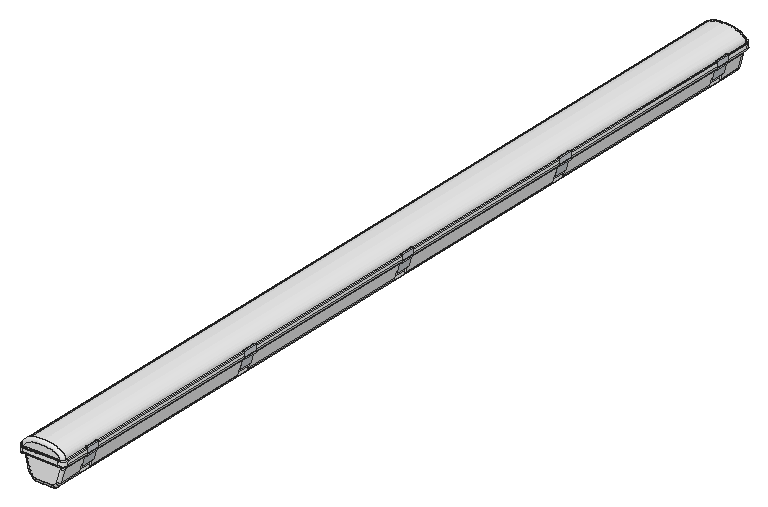
Revit family "0048712 Feilo Sylvania Lighting Fixture SYLPRF SUP LED G3 1500MM S 4K", category Lighting Fixtures, host Face, Revit 2017
Family settings
  Host = Face
  Round Connector Dimension = Use Diameter
  Part Type = Normal
  OmniClass Number = 23.80.70.11.14
  OmniClass Title = General Luminaries, Directional
  Cut with Voids When Loaded = Yes
  Light Source = Yes
  Shared = No
  Room Calculation Point = No
Parameters
  Width = 84 mm
  Weight = "2.06 kg"
  Wattage Comments = "n/a"
  Wattage = 31 W
  WarrantyStartDate [instance] = "n/a"
  WarrantyGuarantorParts = "n/a"
  WarrantyDurationUnit = "n/a"
  WarrantyDurationParts = "n/a"
  WarrantyDescription = "n/a"
  built-in parameter 1150110 = 1 (stored number, unit not read)
  Voltage = 230 V
  URL = "http://www.sylvania-lighting.com"
  TypeName = "SYLPRF SUP LED G3 1500MM S 4K"
  Type Image = <None>
  Type Comments = "n/a"
  built-in parameter 1114217 = 1 (stored number, unit not read)
  Tilt Angle = -90.00°
  built-in parameter 1150109 = 1 (stored number, unit not read)
  built-in parameter 1150134 = 12
  built-in parameter 1150113 = 1 (stored number, unit not read)
  SerialNumber [instance] = "n/a"
  ReflectorMaterial = none
  PowerFactor = 0
  PowerConsumption = "31 W"
  Photometric Web File = "0048712-C.ies"
  NominalWidth = 0 mm
  NominalLength = 1578 mm
  NominalHeight = 75 mm
  Name = "SYLPRF SUP LED G3 1500MM S 4K"
  ModelReference = "SYLPRF SUP LED G3 1500MM S 4K"
  ModelNumber = "0048712"
  Model = "SYLPRF SUP LED G3 1500MM S 4K"
  Material = "polycarbonate housing, polycarbonate diffuser"
  ManufacturerName = "Feilo Sylvania"
  Manufacturer = "Feilo Sylvania"
  LuminousEfficacy = "155 lm/W"
  built-in parameter 1150105 = 382.37 (stored number, unit not read)
  Lumens = 4805 lm
  LuminaireType = "Weatherproof"
  built-in parameter 1150115 = 1 (stored number, unit not read)
  LightOutputRatio = "n/a"
  built-in parameter 1150137 = (empty or 0)
  built-in parameter 1150139 = (empty or 0)
  Length = 1572 mm
  LampsType = Lamp  # "LED"
  LampNominalLuminous = "4800 lm"
  LampMacAdamStep = "3"
  LampColourTemperature = "4000 K"
  LampColourRenderingIndex = "80"
  built-in parameter 1150112 = 1 (stored number, unit not read)
  built-in parameter 1150114 = 1 (stored number, unit not read)
  Lamp = "LED"
  Keynote = "16500"
  InstallationDate [instance] = "n/a"
  InputVoltage = "220-240V~"
  InputNominalFrequency = "50/60 Hz"
  built-in parameter 1150132 = (empty or 0)
  built-in parameter 1150102 = (empty or 0)
  built-in parameter 1150107 = 4000 (stored number, unit not read)
  built-in parameter 1150138 = (empty or 0)
  IngressProtection = "IP65"
  ImpactProtectionIndex = "IK08"
  built-in parameter 1150106 = 3.8237 (stored number, unit not read)
  IfcExportType = "IfcLightFixtureType"
  IfcExportAs = "IfcLightFixtureType"
  ExpectedLife = 50000
  Emit from Rectangle Width = Width - 20 mm  # 64 mm
  Emit from Rectangle Length = Length - 20 mm  # 1552 mm
  Emit Shape Visible in Rendering = no
  ElectricShockClassification = "Class I"
  built-in parameter 1150104 = 14.4 (stored number, unit not read)
  DurationUnit = "hours"
  DocumentationLiterature = "http://www.sylvania-lighting.com/product/en-int/products/0048712"
  DimmingControlOptions = "Non dimmable"
  Dimming Lamp Color Temperature Shift = <None>
  DiffuserMaterial = Diffuser-Sylvania-Transparent
  Description = ""
  Default Elevation = 1219.2 mm
  CreatedOn = "11/9/2017"
  CreatedBy = ""
  Cost = 0
  Color Filter = 16777215
  built-in parameter 1114216 [instance] = (empty or 0)
  ClassificationValue = "EF_70_80"
  ClassificationName = "Uniclass2015"
  BodyMaterial = Body-Sylvania-Gray
  BarCode [instance] = "n/a"
  built-in parameter 1114218 = 1 (stored number, unit not read)
  built-in parameter 1150133 = 10 (stored number, unit not read)
  AssetType = "Fixed"
  AssetIdentifier [instance] = "n/a"
  Assembly Code = "D5020200"
  Apparent Load = 31 VA
  AccessoryMaterial = Diffuser-Sylvania-Glow
Reference planes
  plane 1 "Center (Front/Back)": y = 0
  plane 2: z = 0
  plane 3 "Center (Left/Right)": x = 0
  plane 4: z = 54
  plane 5: x = -14.7
  plane 6: x = -21.8
  plane 7: x = -26.6
  plane 8: x = -29.2
  plane 9: z = 3
  plane 10: z = 7.8
  plane 11: z = 12.3
  plane 12: z = 36.6
  plane 13: z = 42.8
  plane 14: x = -38.1
  plane 15: z = 46.2
  plane 16: x = -42
  plane 17: y = 786
  plane 18: y = -786
  plane 19: x = 14.7
  plane 20: x = 21.8
  plane 21: x = 26.6
  plane 22: x = 29.2
  plane 23: x = 38.1
  plane 24: x = 42
  plane 25: y = 778.4
  plane 26: y = -778.4
  plane 27: y = -774.7
  plane 28: y = 774.7
  plane 29: z = 74
  plane 30: x = -38.5
  plane 31: x = 38.5
  plane 32: z = 55.2
  plane 33: y = -782.5
  plane 34: y = 782.5
  plane 35: x = -24.5
  plane 36: x = 24.5
  plane 37: x = -35.7
  plane 38: x = 35.7
  plane 39: z = 50.2
  plane 40: z = 24.6
  plane 41: y = -720
  plane 42: y = -734
  plane 43: y = -706
  plane 44: y = 720
  plane 45: y = -720
  plane 46: y = -734
  plane 47: y = -706
  plane 48: y = 720
  plane 49: y = 706
  plane 50: y = 734
  plane 51: y = -360
  plane 52: y = -374
  plane 53: y = -346
  plane 54: y = 0
  plane 55: y = -14
  plane 56: y = 14
  plane 57: y = 360
  plane 58: y = 346
  plane 59: y = 374
Forms (mm)
  Sweep 1, solid, material "Body-Sylvania-Gray" <- "BodyMaterial", detail levels medium+fine
    path origin (1223.4, -4572, 54) x (0, -1, 0) y (1, 0, 0)
      loop
        arc (-3796, -1265.4) -> (-3788.929, -1262.471) -> (-3786, -1255.4) r 10
        line (-3786, -1255.4) -> (-3786, -1191.4)
        arc (-3786, -1191.4) -> (-3788.929, -1184.329) -> (-3796, -1181.4) r 10
        line (-3796, -1181.4) -> (-5348, -1181.4)
        arc (-5348, -1181.4) -> (-5355.071, -1184.329) -> (-5358, -1191.4) r 10
        line (-5358, -1191.4) -> (-5358, -1255.4)
        arc (-5358, -1255.4) -> (-5355.071, -1262.471) -> (-5348, -1265.4) r 10
        line (-5348, -1265.4) -> (-3796, -1265.4)
    profile origin (-42, 0, 54) x (-1, 0, 0) y (0, 0, 1)
      loop
        line (0, 0) -> (-1, 0) -> (-1, -7.726)
        arc (-1, -7.726) -> (-1.994, -9.498) -> (-3.9, -10.2) r 2.937
        line (-3.9, -10.2) -> (-8.571, -10.2) -> (-8.571, -11.2) -> (-3.9, -11.2)
        arc (-3.9, -11.2) -> (-1.313, -10.231) -> (0, -7.8) r 3.937
        line (0, -7.8) -> (0, 0)
  Sweep 2, solid, material "Body-Sylvania-Gray" <- "BodyMaterial", detail levels medium+fine
    path origin (0, 0, 0) x (1, 0, 0) y (0, 0, 1)
      loop
        line (35.7, 42.8) -> (35.7, 36.6) -> (29.203, 12.31)
        arc (29.203, 12.31) -> (28.199, 9.884) -> (26.6, 7.8) r 10.052
        line (26.6, 7.8) -> (21.8, 3)
        arc (21.8, 3) -> (18.554, 0.781) -> (14.7, 0) r 9.902
        line (14.7, 0) -> (0, 0) -> (-14.7, 0)
        arc (-14.7, 0) -> (-18.554, 0.781) -> (-21.8, 3) r 9.902
        line (-21.8, 3) -> (-26.6, 7.8)
        arc (-26.6, 7.8) -> (-28.199, 9.884) -> (-29.203, 12.31) r 10.052
        line (-29.203, 12.31) -> (-35.7, 36.6) -> (-35.7, 42.8)
    profile origin (0, 0, 0) x (0, 0, -1) y (0, -1, 0)
      loop
        arc (0, 773.4) -> (-1.464, 776.936) -> (-5, 778.4) r 5
        line (-5, 778.4) -> (-7.8, 778.4) -> (-7.8, -778.4) -> (-5, -778.4)
        arc (-5, -778.4) -> (-1.464, -776.936) -> (0, -773.4) r 5
        line (0, -773.4) -> (0, 773.4)
  Extrusion 3, solid, material "Body-Sylvania-Gray" <- "BodyMaterial", detail levels medium+fine
    sketch origin (1524, 778.4, 1219.2) x (1, 0, 0) y (0, 0, 1)
      loop
        arc (-1545.668, -1204.874) -> (-1545.443, -1205.418) -> (-1545.085, -1205.885) r 2.252
        line (-1545.085, -1205.885) -> (-1540.231, -1210.738)
        arc (-1540.231, -1210.738) -> (-1539.534, -1211.227) -> (-1538.7, -1211.4) r 2.102
        line (-1538.7, -1211.4) -> (-1509.3, -1211.4)
        arc (-1509.3, -1211.4) -> (-1508.466, -1211.227) -> (-1507.769, -1210.738) r 2.102
        line (-1507.769, -1210.738) -> (-1502.915, -1205.885)
        arc (-1502.915, -1205.885) -> (-1502.557, -1205.418) -> (-1502.332, -1204.874) r 2.252
        line (-1502.332, -1204.874) -> (-1496.1, -1181.575) -> (-1496.1, -1176.4) -> (-1551.9, -1176.4) -> (-1551.9, -1181.575) -> (-1545.668, -1204.874)
    from 0 to 1556.8
  Sweep 4, solid, material "Diffuser-Sylvania-Transparent" <- "DiffuserMaterial", detail levels medium+fine
    path origin (0, 0, 0) x (1, 0, 0) y (0, 0, 1)
      loop
        spline (-38.5, 55.2) -> (-37.188, 60.066) -> (-33.342, 64.6) -> (-27.224, 68.494) -> (-19.25, 71.481) -> (-9.965, 73.359) -> (0, 74) -> (9.965, 73.359) -> (19.25, 71.481) -> (27.224, 68.494) -> (33.342, 64.6) -> (37.188, 60.066) -> (38.5, 55.2)
    profile origin (38.5, 0, 55.2) x (0, -1, 0) y (1, 0, 0)
      loop
        arc (782.5, -5.5) -> (780.889, -1.611) -> (777, 0) r 5.5
        line (777, 0) -> (-777, 0)
        arc (-777, 0) -> (-780.889, -1.611) -> (-782.5, -5.5) r 5.5
        line (-782.5, -5.5) -> (-782.5, -6.3) -> (-781.5, -6.3) -> (-781.5, -5.5)
        arc (-781.5, -5.5) -> (-780.182, -2.318) -> (-777, -1) r 4.5
        line (-777, -1) -> (777, -1)
        arc (777, -1) -> (780.182, -2.318) -> (781.5, -5.5) r 4.5
        line (781.5, -5.5) -> (781.5, -6.347) -> (782.5, -6.347) -> (782.5, -5.5)
  Extrusion 5, solid, material "Diffuser-Sylvania-Transparent" <- "DiffuserMaterial", detail levels medium+fine
    sketch origin (1524, -782.5, 1219.2) x (1, 0, 0) y (0, 0, 1)
      loop
        line (-1556.653, -1164) -> (-1491.347, -1164)
        spline (-1491.347, -1164) -> (-1491.939, -1161.945) -> (-1494.434, -1159.066) -> (-1499.342, -1155.96) -> (-1506.338, -1153.35) -> (-1514.799, -1151.648) -> (-1524, -1151.047) -> (-1533.201, -1151.648) -> (-1541.662, -1153.35) -> (-1548.658, -1155.96) -> (-1553.566, -1159.066) -> (-1556.061, -1161.945) -> (-1556.653, -1164)
    from 0 to -1
  Extrusion 6, solid, material "Diffuser-Sylvania-Transparent" <- "DiffuserMaterial", detail levels medium+fine
    sketch origin (1524, 782.5, 1219.2) x (1, 0, 0) y (0, 0, 1)
      loop
        spline (-1491.3, -1164) -> (-1491.898, -1161.922) -> (-1494.404, -1159.03) -> (-1499.322, -1155.918) -> (-1506.325, -1153.305) -> (-1514.793, -1151.602) -> (-1524, -1151) -> (-1533.207, -1151.602) -> (-1541.675, -1153.305) -> (-1548.678, -1155.918) -> (-1553.596, -1159.03) -> (-1556.102, -1161.922) -> (-1556.7, -1164)
        line (-1556.7, -1164) -> (-1491.3, -1164)
    from 0 to 1
  Extrusion 7, solid, material "Diffuser-Sylvania-Glow" <- "AccessoryMaterial", detail levels fine
    sketch origin (0, 0, 0) x (1, 0, 0) y (0, 0, 1)
      loop
        circle (0, 50.2) r 8
    from -774.7 to 774.7
  Extrusion 8, void
    sketch origin (0, -720, 2343.807) x (0, 0, -1) y (-1, 0, 0)
      loop
        line (2340.807, -24.5) -> (2331.507, -24.5) -> (2319.207, -29.2) -> (2319.207, -35.7) -> (2340.807, -35.7) -> (2340.807, -24.5)
      loop
        line (2340.807, 24.5) -> (2340.807, 35.7) -> (2319.207, 35.7) -> (2319.207, 29.2) -> (2331.507, 24.5) -> (2340.807, 24.5)
    from 14 to -14
  Extrusion 9, void, not visible
    sketch origin (0, -720, 2343.807) x (0, 0, -1) y (-1, 0, 0)
      loop
        line (2340.807, -24.5) -> (2331.507, -24.5) -> (2319.207, -29.2) -> (2319.207, -35.7) -> (2340.807, -35.7) -> (2340.807, -24.5)
      loop
        line (2340.807, 24.5) -> (2340.807, 35.7) -> (2319.207, 35.7) -> (2319.207, 29.2) -> (2331.507, 24.5) -> (2340.807, 24.5)
    from 14 to -14
  Extrusion 10, void
    sketch origin (0, 720, 2343.807) x (0, 0, -1) y (-1, 0, 0)
      loop
        line (2340.807, -24.5) -> (2331.507, -24.5) -> (2319.207, -29.2) -> (2319.207, -35.7) -> (2340.807, -35.7) -> (2340.807, -24.5)
      loop
        line (2340.807, 24.5) -> (2340.807, 35.7) -> (2319.207, 35.7) -> (2319.207, 29.2) -> (2331.507, 24.5) -> (2340.807, 24.5)
    from 14 to -14
  Extrusion 11, void
    sketch origin (0, -360, 2343.807) x (0, 0, -1) y (-1, 0, 0)
      loop
        line (2340.807, -24.5) -> (2331.507, -24.5) -> (2319.207, -29.2) -> (2319.207, -35.7) -> (2340.807, -35.7) -> (2340.807, -24.5)
      loop
        line (2340.807, 24.5) -> (2340.807, 35.7) -> (2319.207, 35.7) -> (2319.207, 29.2) -> (2331.507, 24.5) -> (2340.807, 24.5)
    from 14 to -14
  Extrusion 12, void
    sketch origin (0, 0, 2343.807) x (0, 0, -1) y (-1, 0, 0)
      loop
        line (2340.807, -24.5) -> (2331.507, -24.5) -> (2319.207, -29.2) -> (2319.207, -35.7) -> (2340.807, -35.7) -> (2340.807, -24.5)
      loop
        line (2340.807, 24.5) -> (2340.807, 35.7) -> (2319.207, 35.7) -> (2319.207, 29.2) -> (2331.507, 24.5) -> (2340.807, 24.5)
    from 14 to -14
  Extrusion 13, void
    sketch origin (0, 360, 2343.807) x (0, 0, -1) y (-1, 0, 0)
      loop
        line (2340.807, -24.5) -> (2331.507, -24.5) -> (2319.207, -29.2) -> (2319.207, -35.7) -> (2340.807, -35.7) -> (2340.807, -24.5)
      loop
        line (2340.807, 24.5) -> (2340.807, 35.7) -> (2319.207, 35.7) -> (2319.207, 29.2) -> (2331.507, 24.5) -> (2340.807, 24.5)
    from 14 to -14
  Extrusion 14, solid, material "Diffuser-Sylvania-Transparent" <- "DiffuserMaterial", detail levels medium+fine
    sketch origin (1223.4, -4572, 54) x (0, -1, 0) y (-1, 0, 0)
      loop
        arc (-5348, 1265.4) -> (-5355.071, 1262.471) -> (-5358, 1255.4) r 10
        line (-5358, 1255.4) -> (-5358, 1191.4)
        arc (-5358, 1191.4) -> (-5355.071, 1184.329) -> (-5348, 1181.4) r 10
        line (-5348, 1181.4) -> (-3796, 1181.4)
        arc (-3796, 1181.4) -> (-3788.929, 1184.329) -> (-3786, 1191.4) r 10
        line (-3786, 1191.4) -> (-3786, 1255.4)
        arc (-3786, 1255.4) -> (-3788.929, 1262.471) -> (-3796, 1265.4) r 10
        line (-3796, 1265.4) -> (-5348, 1265.4)
      loop
        arc (-5354.5, 1190.394) -> (-5352.887, 1186.509) -> (-5349, 1184.9) r 5.5
        line (-5349, 1184.9) -> (-3795, 1184.9)
        arc (-3795, 1184.9) -> (-3791.113, 1186.509) -> (-3789.5, 1190.394) r 5.5
        line (-3789.5, 1190.394) -> (-3789.5, 1256.406)
        arc (-3789.5, 1256.406) -> (-3791.113, 1260.291) -> (-3795, 1261.9) r 5.5
        line (-3795, 1261.9) -> (-5349, 1261.9)
        arc (-5349, 1261.9) -> (-5352.887, 1260.291) -> (-5354.5, 1256.406) r 5.5
        line (-5354.5, 1256.406) -> (-5354.5, 1190.394)
    from 0 to -1.2
  Extrusion 15, solid, material "Body-Sylvania-Gray" <- "BodyMaterial", detail levels coarse
    sketch origin (0, 0, 0) x (1, 0, 0) y (0, 0, 1)
      loop
        line (-42, 55.2) -> (-42, 42.8) -> (-26.6, 0) -> (26.6, 0) -> (42, 42.8) -> (42, 55.2) -> (-42, 55.2)
    from -786 to 786
  Extrusion 16, solid, material "Diffuser-Sylvania-Transparent" <- "DiffuserMaterial", detail levels coarse
    sketch origin (0, 0, 0) x (1, 0, 0) y (0, 0, 1)
      loop
        line (-38.5, 55.2) -> (38.5, 55.2)
        arc (38.5, 55.2) -> (0, 74) -> (-38.5, 55.2) r 48.822
    from -778.4 to 778.4
Cuts and joins
  Extrusion 8, Extrusion 10, Extrusion 11, Extrusion 12, Extrusion 13 cuts Sweep 2
  Extrusion 8, Extrusion 10, Extrusion 11, Extrusion 12, Extrusion 13 cuts Extrusion 3
  joined: Sweep 2, Extrusion 3
  joined: Sweep 4, Extrusion 5, Extrusion 6, Extrusion 14
Dimensions and locks
  locked: plane 4 to plane 2 at 54
  plane 5 to plane 6 to plane 7 to plane 8 to plane 14 to plane 16 = 7.1 mm locked, 4.8 mm locked, 2.6 mm locked, 8.9 mm locked, 3.9 mm locked
  plane 4 to plane 15 to plane 13 to plane 12 to plane 11 to plane 10 to plane 9 = 7.8 mm locked, 3.4 mm, 6.2 mm locked, 24.3 mm locked, 4.5 mm locked, 4.8 mm locked
  equal spacing: plane 18, plane 1 "Center (Front/Back)", plane 17
  "Length": plane 18 to plane 17
  plane 19 to plane 20 to plane 21 to plane 22 to plane 23 to plane 24 = 7.1 mm locked, 4.8 mm locked, 2.6 mm locked, 8.9 mm, 3.9 mm
  equal spacing: plane 24, plane 3 "Center (Left/Right)", plane 16
  "Width": plane 24 to plane 16
  equal spacing: plane 27, plane 1 "Center (Front/Back)", plane 28
  locked: plane 26 to plane 27 at 3.7
  locked: Sweep 1 sketch curve to profile plane at 1
  locked: Sweep 1 sketch curve to plane 13 at 1
  locked: Sweep 1 sketch curve to plane 13 at 3.937  (x2)
  locked: Sweep 1 sketch curve to profile plane at 3.9  (x2)
  plane 29 to plane 4 = 20 mm
  equal spacing: plane 31, plane 3 "Center (Left/Right)", plane 30
  locked: plane 30 to plane 16 at 3.5
  locked: plane 32 to plane 4 at 1.2
  equal spacing: plane 33, plane 1 "Center (Front/Back)", plane 34
  equal spacing: plane 36, plane 3 "Center (Left/Right)", plane 35
  locked: plane 34 to plane 17 at 3.5
  equal spacing: plane 38, plane 3 "Center (Left/Right)", plane 37
  locked: plane 37 to plane 16 at 6.3
  equal spacing: plane 25, plane 1 "Center (Front/Back)", plane 26
  locked: plane 17 to plane 25 at 7.6
  locked: Sweep 2 sketch curve to plane 2 at 5  (x2)
  locked: Sweep 2 sketch curve to plane 26 at 5
  locked: plane 25 to Sweep 2 sketch curve at 5
  locked: Sweep 4 sketch curve to plane 31 at 5.5  (x2)
  locked: Sweep 4 sketch curve to plane 34 at 5.5
  plane 33 to Sweep 4 sketch curve = 5.5 mm
  locked: plane 34 to Sweep 4 sketch curve at 1
  locked: Sweep 4 sketch curve to plane 31 at 1
  locked: Sweep 4 sketch curve to Sweep 4 sketch curve at 1
  locked: Sweep 4 sketch curve to plane 31 at 6.347
  locked: Sweep 4 sketch curve to plane 31 at 6.3
  locked: plane 40 to plane 2 at 24.6
  locked: plane 6 to plane 35 at 2.7
  locked: plane 1 "Center (Front/Back)" to plane 41 at 720
  plane 43 to plane 41 to plane 42 = 14 mm locked, 14 mm locked
  locked: plane 44 to plane 1 "Center (Front/Back)" at 720
  plane 47 to plane 45 to plane 46 = 14 mm locked, 14 mm locked
  plane 50 to plane 48 to plane 49 = 14 mm locked, 14 mm locked  (x2)
  equal spacing: group 1, group 6, group 7, group 8, group 5  (x3)
  plane 53 to plane 51 to plane 52 = 14 mm locked, 14 mm locked  (x2)
  plane 56 to plane 54 to plane 55 = 14 mm locked, 14 mm locked  (x2)
  plane 59 to plane 57 to plane 58 = 14 mm locked, 14 mm locked  (x2)
  plane 48 to plane 57 to plane 1 "Center (Front/Back)" to plane 51 to plane 41 = 360 mm locked, 360 mm locked, 360 mm locked, 360 mm locked
  aligned and locked: plane 2 to host face
  aligned and locked: level to host face
  aligned and locked: plane 16 to Sweep 1 sketch curve
  aligned and locked: Sweep 1 sketch curve to plane 24
  aligned and locked: plane 18 to Sweep 1 sketch curve
  aligned and locked: Sweep 1 sketch curve to plane 13
  aligned and locked: profile plane to Sweep 1 sketch curve
  aligned and locked: plane 3 "Center (Left/Right)" to Sweep 2 sketch curve
  aligned and locked: plane 9 to Sweep 2 sketch curve
  aligned and locked: plane 10 to Sweep 2 sketch curve
  aligned and locked: plane 37 to Sweep 2 sketch curve
  aligned and locked: plane 12 to Sweep 2 sketch curve
  aligned and locked: Sweep 2 sketch curve to level
  aligned and locked: plane 21 to Sweep 2 sketch curve
  aligned and locked: plane 38 to Sweep 2 sketch curve
  aligned and locked: profile plane to Sweep 2 sketch curve
  aligned and locked: plane 25 to Sweep 2 sketch curve
  aligned and locked: Sweep 2 sketch curve to plane 10
  aligned and locked: Extrusion 3 sketch curve to Sweep 2  (x7)
  aligned and locked: Sweep 2 to Extrusion 3 sketch curve
  aligned and locked: Extrusion 3 to plane 25
  aligned and locked: plane 26 to Extrusion 3
  aligned and locked: plane 32 to Sweep 4 sketch curve
  aligned and locked: plane 33 to Sweep 4 sketch curve
  aligned and locked: Sweep 4 to Extrusion 5
  aligned and locked: plane 33 to Extrusion 5
  aligned and locked: plane 39 to Extrusion 7 sketch curve
  aligned and locked: plane 27 to Extrusion 7
  aligned and locked: Extrusion 7 to plane 28
  aligned and locked: Extrusion 6 sketch curve to Sweep 4
  aligned and locked: Extrusion 5 sketch curve to Sweep 4
  aligned and locked: Extrusion 8 to plane 43
  aligned and locked: plane 42 to Extrusion 8
  aligned and locked: Extrusion 10 to plane 50
  aligned and locked: plane 49 to Extrusion 10
  aligned and locked: Extrusion 11 to plane 53
  aligned and locked: plane 52 to Extrusion 11
  aligned and locked: Extrusion 12 to plane 56
  aligned and locked: plane 55 to Extrusion 12
  aligned and locked: Extrusion 13 to plane 59
  aligned and locked: plane 58 to Extrusion 13
  aligned and locked: plane 3 "Center (Left/Right)" to Extrusion 7 sketch curve
  aligned and locked: Extrusion 14 sketch curve to Sweep 1  (x4)
  aligned and locked: Extrusion 14 to plane 32
  aligned and locked: plane 4 to Extrusion 14
  aligned and locked: plane 48 to nested 1
  aligned and locked: plane 57 to nested 2
  aligned and locked: plane 54 to nested 3
  aligned and locked: nested 4 to plane 51
  aligned and locked: nested 5 to plane 41
  aligned and locked: plane 41 to nested 10
  aligned and locked: plane 51 to nested 9
  aligned and locked: plane 54 to nested 8
  aligned and locked: plane 57 to nested 7
  aligned and locked: plane 48 to nested 6
  aligned and locked: plane 1 "Center (Front/Back)" to imposter light
  aligned and locked: plane 3 "Center (Left/Right)" to imposter light
  aligned and locked: imposter light to plane 29
  aligned and locked: plane 7 to Extrusion 15 sketch curve
  aligned and locked: plane 2 to Extrusion 15 sketch curve
  aligned and locked: Extrusion 15 sketch curve to nested 6
  aligned and locked: Extrusion 15 sketch curve to nested 1
  aligned and locked: plane 18 to Extrusion 15
  aligned and locked: Extrusion 15 to plane 17
  aligned and locked: Extrusion 15 to Sweep 1  (x2)
  aligned and locked: plane 30 to Extrusion 16 sketch curve
  aligned and locked: plane 31 to Extrusion 16 sketch curve
  aligned and locked: Extrusion 16 sketch curve to cut or joined group of Sweep 4, Extrusion 5, Extrusion 6, Extrusion 14
  aligned and locked: Extrusion 16 to plane 25
  aligned and locked: plane 26 to Extrusion 16
Automatic sketch dimensions
  host sketch curve to host sketch curve = 2438.4 mm  (x2)
  plane 17 to Sweep 1 sketch curve = 0 mm
  Sweep 1 sketch curve to plane 28 = 1.3 mm
  Sweep 1 sketch curve to plane 7 = 5.4 mm
  plane 27 to Sweep 1 sketch curve = 1.3 mm  (x2)
  Sweep 1 sketch curve to Sweep 1 sketch curve = 4.671 mm
  Sweep 1 sketch curve to plane 4 = 0 mm
  Sweep 2 sketch curve to plane 7 = 0 mm
  Sweep 2 sketch curve to plane 6 = 0 mm
  Sweep 2 sketch curve to plane 5 = 0 mm
  plane 19 to Sweep 2 sketch curve = 0 mm
  Sweep 2 sketch curve to plane 9 = 0 mm
  plane 20 to Sweep 2 sketch curve = 0 mm
  Sweep 2 sketch curve to plane 12 = 0 mm
  Sweep 2 sketch curve to plane 10 = 0 mm
  Sweep 2 sketch curve to plane 13 = 0 mm  (x2)
  Sweep 2 sketch curve to plane 8 = 0.003 mm
  plane 6 to Sweep 2 sketch curve = 2.308 mm
  plane 20 to Sweep 2 sketch curve = 2.308 mm
  Sweep 2 sketch curve to plane 22 = 0.003 mm
  Sweep 2 sketch curve to plane 11 = 0.01 mm  (x2)
  Extrusion 3 sketch curve to plane 5 = 0 mm
  plane 19 to Extrusion 3 sketch curve = 0 mm
  plane 6 to Extrusion 3 sketch curve = 0.132 mm
  plane 6 to Extrusion 3 sketch curve = 0.715 mm
  Extrusion 3 sketch curve to Extrusion 3 sketch curve = 1.592 mm
  Extrusion 3 sketch curve to plane 10 = 0.662 mm  (x2)
  plane 20 to Extrusion 3 sketch curve = 2.308 mm
  plane 20 to Extrusion 3 sketch curve = 0.715 mm
  plane 20 to Extrusion 3 sketch curve = 0.132 mm
  Sweep 4 sketch curve to plane 30 = 0 mm
  Sweep 4 sketch curve to plane 3 "Center (Left/Right)" = 0 mm
  Sweep 4 sketch curve to Sweep 4 sketch curve = 0 mm  (x2)
  plane 37 to Extrusion 6 sketch curve = 3 mm
  Extrusion 6 sketch curve to plane 38 = 3 mm
  plane 37 to Extrusion 5 sketch curve = 3.047 mm
  Extrusion 5 sketch curve to plane 38 = 3.047 mm
  Extrusion 8 sketch curve to Extrusion 8 sketch curve = 0 mm
  Extrusion 8 sketch curve to Extrusion 8 sketch curve = 12.3 mm  (x2)
  Extrusion 8 sketch curve to Extrusion 8 sketch curve = 9.3 mm  (x2)
  Extrusion 8 sketch curve to Extrusion 8 sketch curve = 6.5 mm  (x2)
  Extrusion 8 sketch curve to Extrusion 8 sketch curve = 4.7 mm  (x2)
  Extrusion 8 sketch curve to Extrusion 8 sketch curve = 49 mm
  Extrusion 9 sketch curve to Extrusion 9 sketch curve = 0 mm
  Extrusion 9 sketch curve to Extrusion 9 sketch curve = 12.3 mm  (x2)
  Extrusion 9 sketch curve to Extrusion 9 sketch curve = 9.3 mm  (x2)
  Extrusion 9 sketch curve to Extrusion 9 sketch curve = 6.5 mm  (x2)
  Extrusion 9 sketch curve to Extrusion 9 sketch curve = 4.7 mm  (x2)
  Extrusion 9 sketch curve to Extrusion 9 sketch curve = 49 mm
  Extrusion 10 sketch curve to Extrusion 10 sketch curve = 0 mm
  Extrusion 10 sketch curve to Extrusion 10 sketch curve = 12.3 mm  (x2)
  Extrusion 10 sketch curve to Extrusion 10 sketch curve = 9.3 mm  (x2)
  Extrusion 10 sketch curve to Extrusion 10 sketch curve = 6.5 mm  (x2)
  Extrusion 10 sketch curve to Extrusion 10 sketch curve = 4.7 mm  (x2)
  Extrusion 10 sketch curve to Extrusion 10 sketch curve = 49 mm
  Extrusion 11 sketch curve to Extrusion 11 sketch curve = 0 mm
  Extrusion 11 sketch curve to Extrusion 11 sketch curve = 12.3 mm  (x2)
  Extrusion 11 sketch curve to Extrusion 11 sketch curve = 9.3 mm  (x2)
  Extrusion 11 sketch curve to Extrusion 11 sketch curve = 6.5 mm  (x2)
  Extrusion 11 sketch curve to Extrusion 11 sketch curve = 4.7 mm  (x2)
  Extrusion 11 sketch curve to Extrusion 11 sketch curve = 49 mm
  Extrusion 12 sketch curve to Extrusion 12 sketch curve = 0 mm
  Extrusion 12 sketch curve to Extrusion 12 sketch curve = 12.3 mm  (x2)
  Extrusion 12 sketch curve to Extrusion 12 sketch curve = 9.3 mm  (x2)
  Extrusion 12 sketch curve to Extrusion 12 sketch curve = 6.5 mm  (x2)
  Extrusion 12 sketch curve to Extrusion 12 sketch curve = 4.7 mm  (x2)
  Extrusion 12 sketch curve to Extrusion 12 sketch curve = 49 mm
  Extrusion 13 sketch curve to Extrusion 13 sketch curve = 0 mm
  Extrusion 13 sketch curve to Extrusion 13 sketch curve = 12.3 mm  (x2)
  Extrusion 13 sketch curve to Extrusion 13 sketch curve = 9.3 mm  (x2)
  Extrusion 13 sketch curve to Extrusion 13 sketch curve = 6.5 mm  (x2)
  Extrusion 13 sketch curve to Extrusion 13 sketch curve = 4.7 mm  (x2)
  Extrusion 13 sketch curve to Extrusion 13 sketch curve = 49 mm
  Extrusion 14 sketch curve to plane 34 = 0 mm
  plane 30 to Extrusion 14 sketch curve = 0 mm
  Extrusion 14 sketch curve to plane 31 = 0 mm
  plane 33 to Extrusion 14 sketch curve = 0 mm
  plane 25 to Extrusion 14 sketch curve = 1.4 mm  (x4)
  Extrusion 14 sketch curve to plane 26 = 1.4 mm  (x4)
  plane 37 to Extrusion 14 sketch curve = 2.694 mm  (x2)
  Extrusion 14 sketch curve to plane 38 = 2.694 mm  (x2)
  plane 21 to Extrusion 15 sketch curve = 0 mm
  Extrusion 15 sketch curve to plane 13 = 0 mm  (x2)
  Extrusion 15 sketch curve to plane 32 = 0 mm
  Extrusion 16 sketch curve to plane 40 = 0.578 mm
  radius of Extrusion 7 sketch curve = 8 mm
Nested families
  nested 1: "Clip" at (-29.2, 720, 24.6) x (-1, 0, 0) z (0, 0, 1), type "Clip", detail levels fine
  nested 2: "Clip" at (-29.2, 360, 24.6) x (-1, 0, 0) z (0, 0, 1), type "Clip", detail levels fine
  nested 3: "Clip" at (-29.2, 0, 24.6) x (-1, 0, 0) z (0, 0, 1), type "Clip", detail levels fine
  nested 4: "Clip" at (-29.2, -360, 24.6) x (-1, 0, 0) z (0, 0, 1), type "Clip", detail levels fine
  nested 5: "Clip" at (-29.2, -720, 24.6) x (-1, 0, 0) z (0, 0, 1), type "Clip", detail levels fine
  nested 6: "Clip" at (29.2, 720, 24.6), type "Clip", detail levels fine
  nested 7: "Clip" at (29.2, 360, 24.6), type "Clip", detail levels fine
  nested 8: "Clip" at (29.2, 0, 24.6), type "Clip", detail levels fine
  nested 9: "Clip" at (29.2, -360, 24.6), type "Clip", detail levels fine
  nested 10: "Clip" at (29.2, -720, 24.6), type "Clip", detail levels fine
Connectors
  electrical at (0, 0, 0), driven by "Apparent Load"
    settings: index 1, voltage 230 V, apparent load 31 VA, apparent load phase1 0 VA, apparent load phase2 0 VA, apparent load phase3 0 VA, power factor 0, load classification "Lighting", number of poles 1, system type 30, power factor state 1, is connector primary yes, connector utility no, sub classification motor no, connector description ""
Definition of nested family "Clip"
  Parameters (values of type "Clip")
    URL = "http://www.feilosylvania.com"
    Type Comments = "n/a"
    Model = "n/a"
    Manufacturer = "Feilo Sylvania"
    Keynote = "n/a"
    Description = "n/a"
    Default Elevation = 1219.2 mm
    Cost = 0
    BodyMaterial = none
    Assembly Code = "n/a"
  Reference planes
    plane 1 "Center (Front/Back)": y = 0
    plane 2: z = 0
    plane 3 "Center (Left/Right)": x = 0
    plane 4: x = 3.3
    plane 5: x = 6.5
    plane 6: x = 8.9
    plane 7: x = 12.8
    plane 8: z = 12
    plane 9: z = 18.2
    plane 10: z = 21.6
    plane 11: z = 30.6
    plane 12: x = 9.3
    plane 13: z = 19.2
    plane 14: z = 16.2
    plane 15: x = 10.1
    plane 16: y = 12
    plane 17: y = -12
  Forms (mm)
    Extrusion 1, solid
      sketch origin (-0.8, 0, 0) x (1, 0, 0) y (0, 1, 0)
        loop
          line (-1219.2, 1219.2) -> (-1219.2, -1219.2) -> (1219.2, -1219.2) -> (1219.2, 1219.2) -> (-1219.2, 1219.2)
      from 0 to -304.8
    Extrusion 2, solid
      sketch origin (0, 0, 0) x (1, 0, 0) y (0, 0, 1)
        loop
          line (8.9, 16.2) -> (4.58, 0) -> (0, 0) -> (0, -0.8) -> (5.195, -0.8) -> (9.603, 15.731) -> (13.6, 18.806) -> (13.6, 30.6)
          arc (13.6, 30.6) -> (11.45, 32.75) -> (9.3, 30.6) r 2.15
          line (9.3, 30.6) -> (10.1, 30.6)
          arc (10.1, 30.6) -> (11.45, 31.95) -> (12.8, 30.6) r 1.35
          line (12.8, 30.6) -> (12.8, 19.2) -> (8.9, 16.2)
      from -12 to 12
  Lines and regions (mm)
    reference lines
      curve 1: line (3.3, 0, 0) -> (6.5, 0, 12)
      curve 2: arc (8.9, 0, 18.2) -> (11.488, 0, 19.169) -> (12.8, 0, 21.6) r 3.934
  Dimensions and locks
    plane 7 to plane 6 to plane 5 to plane 4 to plane 3 "Center (Left/Right)" = 3.9 mm locked, 2.4 mm locked, 3.2 mm locked, 3.3 mm locked
    plane 11 to plane 10 to plane 9 to plane 8 to plane 2 = 9 mm locked, 3.4 mm locked, 6.2 mm locked, 12 mm locked
    locked: plane 7 to plane 12 at 3.5
    locked: plane 13 to plane 9 at 1
    locked: plane 9 to plane 14 at 2
    locked: plane 15 to plane 12 at 0.8
    locked: plane 2 to Extrusion 2 sketch curve at 0.8
    locked: Extrusion 2 sketch curve to Extrusion 2 sketch curve at 0.8  (x3)
    locked: plane 7 to Extrusion 2 sketch curve at 1.35
    equal spacing: plane 17, plane 1 "Center (Front/Back)", plane 16
    locked: plane 1 "Center (Front/Back)" to plane 16 at 12
    aligned and locked: plane 2 to Extrusion 1
    aligned and locked: level to Extrusion 1
    aligned and locked: plane 4 to curve 1
    aligned and locked: plane 5 to curve 1
    aligned and locked: plane 6 to curve 2
    aligned and locked: plane 10 to curve 2
    aligned and locked: plane 14 to Extrusion 2 sketch curve
    aligned and locked: plane 13 to Extrusion 2 sketch curve
    aligned and locked: plane 7 to Extrusion 2 sketch curve
    aligned and locked: plane 3 "Center (Left/Right)" to Extrusion 2 sketch curve
    aligned and locked: Extrusion 2 sketch curve to level
    aligned and locked: Extrusion 2 sketch curve to plane 11
    aligned and locked: plane 11 to Extrusion 2 sketch curve
    aligned and locked: Extrusion 2 to plane 16
    aligned and locked: plane 17 to Extrusion 2
  Automatic sketch dimensions
    Extrusion 1 sketch curve to Extrusion 1 sketch curve = 2438.4 mm  (x2)
    curve 2 to plane 7 = 0 mm
    curve 1 to level = 0 mm
    curve 1 to plane 8 = 0 mm
    curve 2 to plane 9 = 0 mm
    plane 6 to curve 2 = 0.002 mm
    Extrusion 2 sketch curve to Extrusion 2 sketch curve = 0 mm
    Extrusion 2 sketch curve to plane 6 = 0 mm
    plane 4 to Extrusion 2 sketch curve = 1.28 mm
